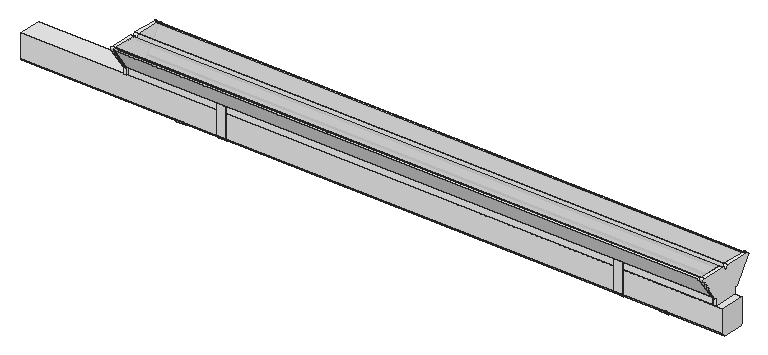
Revit family "0042293 Lighting Fixture_Sylvania_HSX Syl-Line_Surface Mounted", category Lighting Fixtures, host Face, Revit 2017
Family settings
  Host = Face
  Round Connector Dimension = Use Diameter
  Part Type = Normal
  OmniClass Number = 23.80.70.11.17
  OmniClass Title = Specialized Lighting by Location or Use
  Cut with Voids When Loaded = No
  Light Source = Yes
  Shared = No
  Room Calculation Point = No
Parameters (values of type "HSXSYL  LED NW EB 1720 EM WB")
  Width = 164.0 mm
  Weight = 6.50 kg
  Wattage = 10.4516 W
  built-in parameter 1150110 = 1 (stored number, unit not read)
  Voltage Comments = "UNV (Universal Voltage; 220-240 Volt)"  # constant formula
  Voltage = 230 V  # constant formula
  URL = "http://www.sylvania-lighting.com"
  Trucking Material = Steel_Sylvania_HSX Syl-Line_White
  built-in parameter 1114217 = 1 (stored number, unit not read)
  Tilt Angle = -90.00°
  built-in parameter 1150109 = 1 (stored number, unit not read)
  built-in parameter 1150134 = 12
  Ta Rating = "-10°C to +25°C"  # constant formula
  T Class Min = -10 °C
  T Class Max = 25 °C
  built-in parameter 1150113 = 1 (stored number, unit not read)
  Product Page URL = "http://www.sylvania-lighting.com/product/en-int/products/0042293"
  Product Family = "HSX SYL-LINE"  # constant formula
  Photometry Comments = ""
  Photometric Web File = "0042293_HSXSYLLEDNWEB1720EMWB-192691.ies"
  Mounting Material = Steel_Sylvania_HSX Syl-Line_White
  Line End Right = 20.0 mm
  Line End Left = 300.0 mm
  Life = "50 000h"  # constant formula
  Length = 1720.0 mm
  LOR = "100%"
  Inrush Current (max. quantity per 16A C breaker) = "10"
  IP Rating = "IP20"  # constant formula
  IK Rating = "IK02"  # constant formula
  Height = 167.5 mm
  Glow Wire Test = 650 °C  # constant formula
  Emit from Line Length = Length - 20.0 mm  # 1700.0 mm
  Electrical Protection = "CLASS I"  # constant formula
  Drive Current = "350mA"
  built-in parameter 1114216 [instance] = 1 (stored number, unit not read)
  Cap Material = Plastic_Sylvania_HSX Syl-Line_White
  Model = "HSXSYL  LED NW EB 1720 EM WB"
  Manufacturer = "Feilo Sylvania"
  built-in parameter 1150105 = 341.47 (stored number, unit not read)
  Lumens = 972 lm
  built-in parameter 1150115 = 1 (stored number, unit not read)
  built-in parameter 1150137 = (empty or 0)
  built-in parameter 1150139 = (empty or 0)
  built-in parameter 1150112 = 1 (stored number, unit not read)
  built-in parameter 1150114 = 1 (stored number, unit not read)
  Lamp = "Integrated LED"
  built-in parameter 1150132 = 2
  built-in parameter 1150102 = (empty or 0)
  built-in parameter 1150107 = 4000 (stored number, unit not read)
  built-in parameter 1150138 = (empty or 0)
  built-in parameter 1150106 = 3.4147 (stored number, unit not read)
  CRI (Ra) = ">80"
  Bracket Width = Width - 93.4 mm  # 70.6 mm
  Bracket Height = Height - 73.5 mm  # 94.0 mm
  Body Material = Plastic_Sylvania_HSX Syl-Line_White
  built-in parameter 1150104 = 8.64 (stored number, unit not read)
  Dimming Lamp Color Temperature Shift = <None>
  Diffuser Material = Polycarbonate_Sylvania_HSX Syl-Line_4000K
  Description = "72W and 75W LED surface and suspended luminaires HSX Syl-Line is perfect for retail, industry, manufacturing, airports or data centres Extended offering of alternative optics for Syl-Line trunking Available with a white sheet steel reflector and a PMMA Diffuser Available in 1,720mm (same length as standard Syl-Line gear trays and trunking) High performance: delivers 6,660lm (luminaire lumen output on 72W version), equating to 93lm/W (total system efficiency) Available in neutral white (4,000K) Integrated LED solution that has the same aesthetics as the fluorescent version (non dotting) Energy efficient electronic gear including Analogue 1-10V dimmable, DALI dimmable and 3 hour emergency versions as standard Ease of installation through the plug connector Innovative clip design allows quick and simple installation of the electrical unit (average installation time of the gear tray at just over a minute) Energy class: A++, A+, A Long lifetime: 50,000 hours life at 70% of the original output L70"  # constant formula
  Default Elevation = 0.0 mm
  Color Filter = 16777215
  Catalog Number = "0042293 HSXSYL  LED NW EB 1720 EM WB"
  built-in parameter 1140040 [instance] = 1
  built-in parameter 1114218 = 1 (stored number, unit not read)
  built-in parameter 1150133 = 10 (stored number, unit not read)
  Assembly Code = "D5020200"
  Apparent Load = 75 VA
Reference planes
  plane 1 "Center (Front/Back)": y = 0
  plane 2 "Trucking Top": z = 6
  plane 3 "Center (Left/Right)": x = 0
  plane 4 "Fixture Bottom": z = 167.5
  plane 5: y = 34.283
  plane 6: y = -34.283
  plane 7 "Fixture Left": x = -860
  plane 8 "Fixture Right": x = 860
  plane 9: x = 850
  plane 10: x = -850
  plane 11: y = -82
  plane 12: y = 82
  plane 13: z = 155
  plane 14: z = 99
  plane 15 "Trucking Bottom": z = 78.5
  plane 16: y = 38.283
  plane 17: y = -38.283
  plane 18: z = 160.539
  plane 19: y = 7.5
  plane 20: y = -7.5
  plane 21: x = -1160
  plane 22: x = 880
  plane 23: x = 588
  plane 24: x = -588
  plane 25: x = 713
  plane 26: x = -713
  plane 27 "Fixture Top": z = 0
Forms (mm)
  Extrusion 1, solid, material "Plastic_Sylvania_HSX Syl-Line_White" <- "Cap Material", detail levels fine
    sketch origin (0, 0, 0) x (0, 1, 0) y (0, 0, 1)
      loop
        line (38.283, 99) -> (81.006, 161.276)
        arc (81.006, 161.276) -> (81.229, 165.38) -> (77.707, 167.5) r 3.986
        line (77.707, 167.5) -> (7.5, 167.5) -> (0, 155) -> (-7.5, 167.5) -> (-77.707, 167.5)
        arc (-77.707, 167.5) -> (-81.229, 165.38) -> (-81.006, 161.276) r 3.986
        line (-81.006, 161.276) -> (-38.283, 99) -> (-34.283, 99) -> (-34.283, 78.5) -> (34.283, 78.5) -> (34.283, 99) -> (38.283, 99)
    from 850 to 860
  Extrusion 2, solid, material "Plastic_Sylvania_HSX Syl-Line_White" <- "Cap Material", detail levels fine
    sketch origin (0, 0, 0) x (0, 1, 0) y (0, 0, 1)
      loop
        line (38.283, 99) -> (81.006, 161.276)
        arc (81.006, 161.276) -> (81.229, 165.38) -> (77.707, 167.5) r 3.986
        line (77.707, 167.5) -> (7.5, 167.5) -> (0, 155) -> (-7.5, 167.5) -> (-77.707, 167.5)
        arc (-77.707, 167.5) -> (-81.229, 165.38) -> (-81.006, 161.276) r 3.986
        line (-81.006, 161.276) -> (-38.283, 99) -> (-34.283, 99) -> (-34.283, 78.5) -> (34.283, 78.5) -> (34.283, 99) -> (38.283, 99)
    from -860 to -850
  Extrusion 3, solid, material "Plastic_Sylvania_HSX Syl-Line_White" <- "Body Material", detail levels coarse+medium
    sketch origin (0, 0, 0) x (0, 1, 0) y (0, 0, 1)
      loop
        line (38.283, 99) -> (81.006, 161.276)
        arc (81.006, 161.276) -> (81.229, 165.38) -> (77.707, 167.5) r 3.986
        line (77.707, 167.5) -> (7.5, 167.5) -> (0, 155) -> (-7.5, 167.5) -> (-77.707, 167.5)
        arc (-77.707, 167.5) -> (-81.229, 165.38) -> (-81.006, 161.276) r 3.986
        line (-81.006, 161.276) -> (-38.283, 99) -> (-34.283, 99) -> (-34.283, 78.5) -> (34.283, 78.5) -> (34.283, 99) -> (38.283, 99)
    from -860 to 850
  Extrusion 4, solid, material "Plastic_Sylvania_HSX Syl-Line_White" <- "Body Material", detail levels fine
    sketch origin (0, 0, 0) x (0, 1, 0) y (0, 0, 1)
      loop
        line (37.757, 100) -> (80.18, 161.839)
        arc (80.18, 161.839) -> (80.345, 164.913) -> (77.707, 166.5) r 2.986
        line (77.707, 166.5) -> (74, 166.5) -> (74, 165.5) -> (77.707, 165.5)
        arc (77.707, 165.5) -> (79.461, 164.446) -> (79.353, 162.402) r 1.986
        line (79.353, 162.402) -> (37.23, 101) -> (32.283, 101) -> (32.283, 79.5) -> (-32.283, 79.5) -> (-32.283, 101) -> (-37.23, 101) -> (-79.353, 162.402)
        arc (-79.353, 162.402) -> (-79.461, 164.446) -> (-77.707, 165.5) r 1.986
        line (-77.707, 165.5) -> (-74, 165.5) -> (-74, 166.5) -> (-77.707, 166.5)
        arc (-77.707, 166.5) -> (-80.345, 164.913) -> (-80.18, 161.839) r 2.986
        line (-80.18, 161.839) -> (-37.757, 100) -> (-33.283, 100) -> (-33.283, 78.5) -> (33.283, 78.5) -> (33.283, 100) -> (37.757, 100)
    from -850 to 850
  Extrusion 5, solid, material "Polycarbonate_Sylvania_HSX Syl-Line_4000K" <- "Diffuser Material", detail levels fine
    sketch origin (0, 0, 0) x (0, 1, 0) y (0, 0, 1)
      loop
        line (74, 166.5) -> (8.066, 166.5) -> (0, 153.056) -> (-8.066, 166.5) -> (-74, 166.5) -> (-74, 165.5) -> (-8.632, 165.5) -> (0, 151.113) -> (8.632, 165.5) -> (74, 165.5) -> (74, 166.5)
    from -850 to 850
  Extrusion 6, solid, material "Steel_Sylvania_HSX Syl-Line_White" <- "Trucking Material"
    sketch origin (0, 0, 0) x (0, 1, 0) y (0, 0, 1)
      loop
        line (34.283, 12) -> (34.283, 78.5) -> (-34.283, 78.5) -> (-34.283, 12) -> (-28.283, 6) -> (28.283, 6) -> (34.283, 12)
    from -1160 to 880
Dimensions and locks
  equal spacing: plane 7 "Fixture Left", plane 3 "Center (Left/Right)", plane 8 "Fixture Right"
  "Length": plane 7 "Fixture Left" to plane 8 "Fixture Right"
  locked: plane 7 "Fixture Left" to plane 10 at 10
  locked: plane 9 to plane 8 "Fixture Right" at 10
  equal spacing: plane 12, plane 1 "Center (Front/Back)", plane 11
  "Width": plane 12 to plane 11
  "Height": host face to plane 4 "Fixture Bottom"
  locked: level to plane 2 "Trucking Top" at 6
  plane 15 "Trucking Bottom" to plane 14 to plane 13 to plane 18 to plane 4 "Fixture Bottom" = 20.5 mm locked, 56.0 mm locked, 5.539 mm locked, 6.961 mm locked
  plane 12 to plane 16 to plane 5 to plane 19 = 43.717 mm locked, 4.0 mm locked, 26.783 mm locked
  plane 11 to plane 17 to plane 6 to plane 20 = 43.717 mm locked, 4.0 mm locked, 26.783 mm locked
  locked: Extrusion 5 sketch curve to plane 11 at 8
  locked: plane 12 to Extrusion 5 sketch curve at 8
  locked: Extrusion 4 sketch curve to plane 11 at 8
  locked: plane 12 to Extrusion 4 sketch curve at 8
  locked: Extrusion 6 sketch curve to plane 2 "Trucking Top" at 6  (x2)
  locked: Extrusion 6 sketch curve to plane 6 at 6
  locked: plane 5 to Extrusion 6 sketch curve at 6
  "Line End Left": plane 21 to plane 7 "Fixture Left"
  "Line End Right": plane 8 "Fixture Right" to plane 22
  plane 23 to plane 25 to plane 9 = 125.0 mm locked, 137.0 mm locked
  plane 10 to plane 26 to plane 24 = 137.0 mm locked, 125.0 mm locked
  aligned and locked: level to host face
  aligned and locked: imposter light to plane 1 "Center (Front/Back)"
  aligned and locked: plane 3 "Center (Left/Right)" to imposter light
  aligned and locked: imposter light to plane 4 "Fixture Bottom"
  aligned and locked: plane 14 to Extrusion 1 sketch curve
  aligned and locked: plane 16 to Extrusion 1 sketch curve
  aligned and locked: plane 15 "Trucking Bottom" to Extrusion 1 sketch curve
  aligned and locked: plane 5 to Extrusion 1 sketch curve
  aligned and locked: plane 6 to Extrusion 1 sketch curve
  aligned and locked: Extrusion 1 sketch curve to plane 14
  aligned and locked: plane 1 "Center (Front/Back)" to Extrusion 1 sketch curve
  aligned and locked: plane 13 to Extrusion 1 sketch curve
  aligned and locked: plane 4 "Fixture Bottom" to Extrusion 1 sketch curve  (x2)
  aligned and locked: plane 19 to Extrusion 1 sketch curve
  aligned and locked: plane 20 to Extrusion 1 sketch curve
  aligned and locked: Extrusion 1 to plane 8 "Fixture Right"
  aligned and locked: plane 9 to Extrusion 1
  aligned and locked: Extrusion 2 to plane 7 "Fixture Left"
  aligned and locked: plane 10 to Extrusion 2
  aligned and locked: Extrusion 3 to plane 7 "Fixture Left"
  aligned and locked: plane 15 "Trucking Bottom" to Extrusion 4 sketch curve
  aligned and locked: Extrusion 4 to plane 9
  aligned and locked: Extrusion 4 to plane 10
  aligned and locked: plane 5 to Extrusion 6 sketch curve
  aligned and locked: plane 6 to Extrusion 6 sketch curve
  aligned and locked: plane 2 "Trucking Top" to Extrusion 6 sketch curve
  aligned and locked: plane 15 "Trucking Bottom" to Extrusion 6 sketch curve
  aligned and locked: Extrusion 6 to plane 21
  aligned and locked: Extrusion 6 to plane 22
  aligned and locked: plane 1 "Center (Front/Back)" to nested 1
  aligned and locked: nested 1 to plane 14
  aligned and locked: plane 23 to nested 1
  aligned and locked: Extrusion 3 to plane 9
  aligned and locked: Extrusion 5 to plane 9
  aligned and locked: Extrusion 5 to plane 10
  aligned and locked: plane 24 to nested 2
  aligned and locked: nested 1 to plane 23
  aligned and locked: nested 3 to level
  aligned and locked: plane 2 "Trucking Top" to nested 2
  aligned and locked: plane 25 to nested 3
  aligned and locked: plane 26 to nested 4
Automatic sketch dimensions
  host sketch curve to host sketch curve = 2549.992 mm
  host sketch curve to host sketch curve = 1283.632 mm
  Extrusion 1 sketch curve to plane 17 = 0.0 mm
  Extrusion 1 sketch curve to plane 18 = 0.737 mm  (x2)
  Extrusion 1 sketch curve to plane 11 = 4.293 mm
  Extrusion 1 sketch curve to plane 11 = 0.994 mm
  Extrusion 1 sketch curve to plane 12 = 4.293 mm
  Extrusion 1 sketch curve to plane 12 = 0.994 mm
  plane 4 "Fixture Bottom" to Extrusion 2 sketch curve = 0.0 mm  (x2)
  plane 14 to Extrusion 2 sketch curve = 0.0 mm  (x2)
  Extrusion 2 sketch curve to plane 17 = 0.0 mm
  Extrusion 2 sketch curve to plane 6 = 0.0 mm
  Extrusion 2 sketch curve to plane 20 = 0.0 mm
  Extrusion 2 sketch curve to plane 1 "Center (Front/Back)" = 0.0 mm
  Extrusion 2 sketch curve to plane 19 = 0.0 mm
  Extrusion 2 sketch curve to plane 5 = 0.0 mm
  Extrusion 2 sketch curve to plane 16 = 0.0 mm
  plane 15 "Trucking Bottom" to Extrusion 2 sketch curve = 0.0 mm
  Extrusion 2 sketch curve to plane 13 = 0.0 mm
  Extrusion 2 sketch curve to plane 11 = 4.293 mm
  Extrusion 2 sketch curve to plane 18 = 0.737 mm  (x2)
  Extrusion 2 sketch curve to plane 11 = 0.994 mm
  Extrusion 2 sketch curve to plane 12 = 4.293 mm
  Extrusion 2 sketch curve to plane 12 = 0.994 mm
  plane 4 "Fixture Bottom" to Extrusion 3 sketch curve = 0.0 mm  (x2)
  plane 14 to Extrusion 3 sketch curve = 0.0 mm  (x2)
  Extrusion 3 sketch curve to plane 17 = 0.0 mm
  Extrusion 3 sketch curve to plane 6 = 0.0 mm
  Extrusion 3 sketch curve to plane 20 = 0.0 mm
  Extrusion 3 sketch curve to plane 1 "Center (Front/Back)" = 0.0 mm
  Extrusion 3 sketch curve to plane 19 = 0.0 mm
  Extrusion 3 sketch curve to plane 5 = 0.0 mm
  Extrusion 3 sketch curve to plane 16 = 0.0 mm
  plane 15 "Trucking Bottom" to Extrusion 3 sketch curve = 0.0 mm
  Extrusion 3 sketch curve to plane 13 = 0.0 mm
  Extrusion 3 sketch curve to plane 11 = 4.293 mm
  Extrusion 3 sketch curve to plane 18 = 0.737 mm  (x2)
  Extrusion 3 sketch curve to plane 11 = 0.994 mm
  Extrusion 3 sketch curve to plane 12 = 4.293 mm
  Extrusion 3 sketch curve to plane 12 = 0.994 mm
  Extrusion 4 sketch curve to plane 14 = 1.0 mm  (x2)
  Extrusion 4 sketch curve to plane 16 = 0.527 mm
  plane 4 "Fixture Bottom" to Extrusion 4 sketch curve = 1.0 mm  (x2)
  Extrusion 4 sketch curve to plane 17 = 0.527 mm
  plane 6 to Extrusion 4 sketch curve = 1.0 mm
  Extrusion 4 sketch curve to plane 5 = 1.0 mm
  Extrusion 4 sketch curve to plane 11 = 1.82 mm
  Extrusion 4 sketch curve to plane 18 = 1.301 mm  (x2)
  Extrusion 4 sketch curve to plane 12 = 1.82 mm
  Extrusion 4 sketch curve to Extrusion 4 sketch curve = 0.527 mm  (x2)
  Extrusion 4 sketch curve to Extrusion 4 sketch curve = 0.826 mm  (x2)
  Extrusion 4 sketch curve to Extrusion 4 sketch curve = 0.563 mm  (x2)
  Extrusion 4 sketch curve to Extrusion 4 sketch curve = 0.0 mm  (x4)
  Extrusion 4 sketch curve to Extrusion 4 sketch curve = 1.0 mm  (x4)
  Extrusion 4 sketch curve to plane 15 "Trucking Bottom" = 1.0 mm
  Extrusion 5 sketch curve to plane 1 "Center (Front/Back)" = 0.0 mm  (x2)
  plane 20 to Extrusion 5 sketch curve = 0.566 mm
  plane 20 to Extrusion 5 sketch curve = 1.132 mm
  plane 19 to Extrusion 5 sketch curve = 0.566 mm
  plane 19 to Extrusion 5 sketch curve = 1.132 mm
  plane 4 "Fixture Bottom" to Extrusion 5 sketch curve = 2.0 mm  (x2)
  Extrusion 5 sketch curve to plane 13 = 3.887 mm
  Extrusion 5 sketch curve to Extrusion 5 sketch curve = 1.944 mm
  plane 4 "Fixture Bottom" to Extrusion 5 sketch curve = 1.0 mm  (x2)
  plane 4 "Fixture Bottom" to Extrusion 4 sketch curve = 2.0 mm  (x2)
Nested families
  nested 1: "Mounting Bracket" at (563, 0, 99) x (0, -1, 0) z (0, 0, -1), type "Mounting Bracket", detail levels fine
  nested 2: "Mounting Bracket" at (-588, 0, 99) x (0, -1, 0) z (0, 0, -1), type "Mounting Bracket", detail levels fine
  nested 3: "Top Mounting Bracket" at (713, 0, 13) x (0, 1, 0) z (0, 0, -1), type "Top Mounting Bracket", detail levels fine
  nested 4: "Top Mounting Bracket" at (-688, 0, 13) x (0, 1, 0) z (0, 0, -1), type "Top Mounting Bracket", detail levels fine
Connectors
  electrical at (-1160, 0, 32.167), driven by "Voltage", driven by "Apparent Load"
    settings: on Extrusion 6, index 1, voltage 230 V, apparent load 0 VA, apparent load phase1 75 VA, apparent load phase2 0 VA, apparent load phase3 0 VA, power factor 1, load classification "Lighting", number of poles 1, system type 31, power factor state 1, is connector primary yes, connector utility no, sub classification motor no, connector description ""
Definition of nested family "Mounting Bracket"
  Parameters
    Mounting Material = none
    Length = 25.0 mm
    Height = 94.0 mm
    Width = 70.6 mm
    Default Elevation = 0.0 mm
  Reference planes
    plane 1 "Center (Front/Back)": y = 0
    plane 2: z = 0
    plane 3 "Center (Left/Right)": x = 0
    plane 4: x = -35.3
    plane 5: x = 35.3
    plane 6: y = -25
    plane 7: y = -12.5
    plane 8: z = 94
  Forms (mm)
    Extrusion 1, solid, material <- "Mounting Material"
      sketch origin (0, 0, 0) x (1, 0, 0) y (0, 0, 1)
        loop
          line (35.3, 87.5) -> (28.8, 94) -> (20.3, 94) -> (20.3, 93) -> (28.386, 93) -> (34.3, 87.086) -> (34.3, 0) -> (35.3, 0) -> (35.3, 87.5)
        loop
          line (-35.3, 87.5) -> (-35.3, 0) -> (-34.3, 0) -> (-34.3, 87.086) -> (-28.386, 93) -> (-20.3, 93) -> (-20.3, 94) -> (-28.8, 94) -> (-35.3, 87.5)
      from 0 to 25
  Dimensions and locks
    equal spacing: plane 5, plane 3 "Center (Left/Right)", plane 4
    "Width": plane 5 to plane 4
    "Length": plane 6 to plane 1 "Center (Front/Back)"
    equal spacing: plane 6, plane 7, plane 1 "Center (Front/Back)"
    "Height": plane 8 to plane 2
    locked: plane 8 to Extrusion 1 sketch curve at 1
    locked: plane 8 to Extrusion 1 sketch curve at 6.5  (x2)
    locked: Extrusion 1 sketch curve to plane 4 at 6.5
    locked: plane 5 to Extrusion 1 sketch curve at 6.5
    locked: Extrusion 1 sketch curve to plane 4 at 1
    locked: plane 5 to Extrusion 1 sketch curve at 1
    locked: Extrusion 1 sketch curve to plane 4 at 15
    locked: plane 5 to Extrusion 1 sketch curve at 15
    aligned and locked: level to plane 2
    aligned and locked: Extrusion 1 to plane 6
    aligned and locked: Extrusion 1 sketch curve to plane 8
    aligned and locked: Extrusion 1 sketch curve to plane 4
    aligned and locked: Extrusion 1 sketch curve to plane 5
  Automatic sketch dimensions
    Extrusion 1 sketch curve to level = 0.0 mm  (x2)
    plane 4 to Extrusion 1 sketch curve = 6.914 mm
    Extrusion 1 sketch curve to Extrusion 1 sketch curve = 0.414 mm  (x3)
    plane 8 to Extrusion 1 sketch curve = 0.0 mm
    Extrusion 1 sketch curve to plane 8 = 1.0 mm
Definition of nested family "Top Mounting Bracket"
  Parameters
    Mounting Material = none
    Length = 25.0 mm
    Height = 13.0 mm
    Width = 70.6 mm
    Default Elevation = 0.0 mm
  Reference planes
    plane 1 "Center (Front/Back)": y = 0
    plane 2: z = 0
    plane 3 "Center (Left/Right)": x = 0
    plane 4: x = -35.3
    plane 5: x = 35.3
    plane 6: y = -25
    plane 7: y = -12.5
    plane 8: z = 13
  Forms (mm)
    Extrusion 1, solid, material <- "Mounting Material"
      sketch origin (0, 0, 0) x (1, 0, 0) y (0, 0, 1)
        loop
          line (35.3, 1.5) -> (23.8, 13) -> (-23.8, 13) -> (-35.3, 1.5) -> (-35.3, 0) -> (-34.3, 0) -> (-34.3, 1.086) -> (-23.386, 12) -> (23.386, 12) -> (34.3, 1.086) -> (34.3, 0) -> (35.3, 0) -> (35.3, 1.5)
      from 0 to 25
  Dimensions and locks
    equal spacing: plane 5, plane 3 "Center (Left/Right)", plane 4
    "Width": plane 5 to plane 4
    "Length": plane 6 to plane 1 "Center (Front/Back)"
    equal spacing: plane 6, plane 7, plane 1 "Center (Front/Back)"
    plane 8 to Extrusion 1 sketch curve = 13.0 mm
    locked: Extrusion 1 sketch curve to plane 4 at 11.5
    locked: plane 5 to Extrusion 1 sketch curve at 11.5
    "Height": plane 8 to level
    aligned and locked: level to plane 2
    aligned and locked: Extrusion 1 to plane 6
    aligned and locked: Extrusion 1 sketch curve to plane 4
    aligned and locked: Extrusion 1 sketch curve to plane 5
    aligned and locked: Extrusion 1 sketch curve to plane 8
    aligned and locked: Extrusion 1 sketch curve to Extrusion 1 sketch curve
  Automatic sketch dimensions
    plane 4 to Extrusion 1 sketch curve = 1.0 mm
    Extrusion 1 sketch curve to Extrusion 1 sketch curve = 0.414 mm  (x4)
    Extrusion 1 sketch curve to plane 5 = 1.0 mm
    Extrusion 1 sketch curve to Extrusion 1 sketch curve = 1.086 mm
    Extrusion 1 sketch curve to plane 8 = 1.0 mm
    Extrusion 1 sketch curve to plane 8 = 11.914 mm
